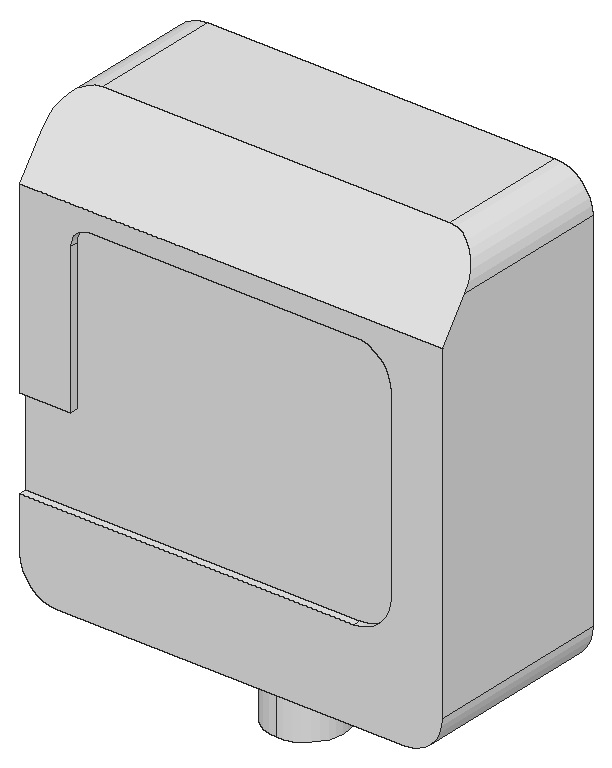
Revit family "Control_Unit-Lutron-Vive_PowPak_CCO_Module", category Lighting Devices, host Face, Revit 2017
Family settings
  Host = Face
  Maintain Annotation Orientation = Yes
  Round Connector Dimension = Use Radius
  Part Type = Normal
  OmniClass Number = 23.85.80.11.27
  OmniClass Title = Lighting Controls
  Cut with Voids When Loaded = No
  Shared = No
  Room Calculation Point = No
Parameters (values of type "RMJS-CCO1-24-B")
  Warranty URL = "http://www.lutron.com/en-US/Service-Support/Pages/Service/Warranty/Warranty.aspx"
  Voltage = 24 V
  Video Link = "https://www.youtube.com/user/LutronElectronicsInc"
  Version = "2017 - v1.0b"  # constant formula
  URL = "http://www.lutron.com"
  Type Comments = ""
  Support Phone = "(224) 699-9545"  # constant formula
  Support Email = "mailto: support@anguleris.com"
  Series = "QS"
  Product Page URL = "http://www.lutron.com/en-US/Products/Pages/WholeBuildingSystems/Vive/Overview.aspx"
  Product Name = "Vive PowPak CCO Module "
  Product Documentation Link = "http://www.lutron.com/TechnicalDocumentLibrary/369909_ENG.pdf"
  Power = 1 W
  Performance URL = "http://www.lutron.com/en-US/Service-Support/Pages/Technical/PerfomanceSpecs.aspx"
  Overall Width = 0' - 2.82"
  Overall Height = 0' - 3.48"
  Overall Depth = 0' - 1 1/4"
  Number of Poles = 1
  Model = "RMJS-CCO1-24-B"
  Minimum Operating Temperature = 32 °F
  Maximum Operating Temperature = 131 °F
  Manufacturer Phone Number = "610-282-3800"  # constant formula
  Manufacturer Fax Number = "610-282-1243"  # constant formula
  Manufacturer Email = "mailto:support@lutron.com"
  Manufacturer Address = "7200 Suter Rd, Coopersburg, PA 18036"  # constant formula
  Manufacturer = "Lutron Electronics Co., Inc"  # constant formula
  Label 2 = 2
  Label 1 = "CCO"
  Keynote = ""
  Instruction Sheet Link = "http://www.lutron.com/TechnicalDocumentLibrary/041669.pdf"
  Front Panel Right Edge = 0' - 0.34"
  Front Panel Left Edge = 0' - 0.34"
  Edge Radius = 0' - 0 1/4"
  Device Material = Plastic - Lutron - White
  Description = "Vive PowPak Contact Closure Module"
  Default Elevation = 0' - 0"
  Front Panel Cutout Offset = 0' - 0.578"
  Current = 0.5 A
  Cost Info = "mailto:sales@lutron.com"
  Cost = 0
  Copyright = "© 2019 Lutron Electronics Co., Inc."  # constant formula
  Connection Knob Radius = Connection Knob Diameter / 2  # 0' - 0 1/4"
  Connection Knob Diameter = 0' - 0 1/2"
  Connection Knob = 0' - 0.52"
  Capacity = 0.5 A
  Bracket Width = 0' - 0 1/4"
  Bracket Thickness = 0' - 0.0313"
  Bracket Offset = 0' - 0 47/256"
  Assembly Code = "D5020200"
Reference planes (in)
  plane 1 "Center (Front/Back)": y = 0
  plane 2: z = 0
  plane 3 "Center (Left/Right)": x = 0
  plane 4: z = -0.52
  plane 5: z = 0
  plane 6: y = -0.625
  plane 7: y = 0.625
  plane 8: y = -0.578
  plane 9: x = 1.41016
  plane 10: x = -1.41016
  plane 11: x = 1.41
  plane 12: x = -1.41
  plane 13: z = -0.51953
  plane 14: z = 0
  plane 15: z = 2.96047
  plane 16: z = 1.76367
  plane 17: z = 1.51367
  plane 18: z = 2.01367
  plane 19: y = 0.4768
  plane 20: y = -0.625
  plane 21: y = -0.57813
  plane 22: y = 0.625
  plane 23: z = 2.64487
  plane 24: z = 2.32927
  plane 25: z = 0.9082
  plane 26: z = 0.60547
  plane 27: z = 0.30273
  plane 28: z = 1.21094
  plane 29: x = -1.07016
  plane 30: x = 1.07016
  plane 31: x = -0.94516
  plane 32: x = 0.82016
  plane 33: z = 2.20427
  plane 34: z = 2.07927
  plane 35: z = 0.85547
  plane 36: y = -0.25
  plane 37: z = 2.46047
  plane 38: z = 3.02297
  plane 39: y = -0.6875
Forms (in)
  Sweep 1, solid, material "Plastic - Lutron - White"
    path origin (0, 0, 0) x (1, 0, 0) y (0, 0, 1)
      loop
        line (0, 0) -> (0, -0.52)
    profile origin (0, 0, -0.26) x (0, -1, 0) y (1, 0, 0)
      loop
        circle (0, 0) r 0.25
  Sweep 2, solid, material "Plastic - Lutron - White"
    path origin (0, 0, 0) x (1, 0, 0) y (0, 1, 0)
      loop
        line (0, 0.625) -> (0, -0.625)
    profile origin (0, 0, 0) x (1, 0, 0) y (0, 0, 1)
      loop
        line (-1.41016, 2.71047) -> (-1.41016, 0.25)
        arc (-1.41016, 0.25) -> (-1.33693, 0.07322) -> (-1.16016, 0) r 0.25
        line (-1.16016, 0) -> (1.16016, 0)
        arc (1.16016, 0) -> (1.33693, 0.07322) -> (1.41016, 0.25) r 0.25
        line (1.41016, 0.25) -> (1.41016, 2.71047)
        arc (1.41016, 2.71047) -> (1.33693, 2.88725) -> (1.16016, 2.96047) r 0.25
        line (1.16016, 2.96047) -> (-1.16016, 2.96047)
        arc (-1.16016, 2.96047) -> (-1.33693, 2.88725) -> (-1.41016, 2.71047) r 0.25
  Sweep 3, void
    path origin (0, 0, 0) x (1, 0, 0) y (0, 1, 0)
      loop
        line (0, -0.578) -> (0, -0.625)
    profile origin (0, -0.6015, 0) x (1, 0, 0) y (0, 0, 1)
      loop
        arc (-0.94516, 2.32927) -> (-1.03354, 2.29266) -> (-1.07016, 2.20427) r 0.125
        line (-1.07016, 2.20427) -> (-1.07016, 1.21094) -> (-1.41016, 1.21094) -> (-1.41016, 0.60547) -> (0.82016, 0.60547)
        arc (0.82016, 0.60547) -> (0.99693, 0.67869) -> (1.07016, 0.85547) r 0.25
        line (1.07016, 0.85547) -> (1.07016, 2.07927)
        arc (1.07016, 2.07927) -> (0.99693, 2.25605) -> (0.82016, 2.32927) r 0.25
        line (0.82016, 2.32927) -> (-0.94516, 2.32927)
  Sweep 4, void
    path origin (0, 0, 0) x (1, 0, 0) y (0, 0, 1)
      loop
        line (-1.41016, 2.96047) -> (1.41016, 2.96047)
    profile origin (0, 0, 2.96047) x (0, 0, 1) y (0, -1, 0)
      loop
        line (-0.5, 0.625) -> (0, 0.25) -> (0.0625, 0.25) -> (0.0625, 0.6875) -> (-0.5, 0.6875) -> (-0.5, 0.625)
Cuts and joins
  Sweep 3, Sweep 4 cuts Sweep 2
Lines and regions (in)
  Masking region 1, detail levels fine
    outline origin (1.41016, -0.625, 48) x (1, 0, 0) y (0, 0, 1)
      loop
        line (-2.82031, -45.03953) -> (-2.82031, -48) -> (0, -48) -> (0, -45.03953) -> (-2.82031, -45.03953)
  Masking region 2, detail levels fine
    outline origin (-1.41, -180, 10.93549) x (0, 0, 1) y (0, -1, 0)
      loop
        line (-7.97502, -180.625) -> (-7.97502, -179.375) -> (-10.93549, -179.375) -> (-10.93549, -180.625) -> (-7.97502, -180.625)
Dimensions and locks (in)
  "Connection Knob": plane 5 to plane 4
  locked: profile plane to Sweep 1 sketch curve at 0
  locked: profile plane to Sweep 1 sketch curve
  equal spacing: plane 7, plane 1 "Center (Front/Back)", plane 6
  locked: plane 6 to plane 7 at 1.25
  "Front Panel Cutout Offset": plane 8 to plane 1 "Center (Front/Back)"
  equal spacing: plane 18, plane 16, plane 17
  equal spacing: plane 11, plane 3 "Center (Left/Right)", plane 12
  equal spacing: plane 9, plane 3 "Center (Left/Right)", plane 10
  "Overall Height": plane 15 to plane 13
  "Overall Depth": plane 20 to plane 22
  "Overall Width": plane 11 to plane 12
  equal spacing: plane 15, plane 23, plane 24, plane 18
  equal spacing: plane 17, plane 28, plane 25, plane 26, plane 27, plane 14
  equal spacing: plane 30, plane 3 "Center (Left/Right)", plane 29
  "Front Panel Left Edge": plane 29 to plane 10
  locked: plane 32 to plane 30 at 0.25
  locked: plane 31 to plane 29 at 0.125
  locked: plane 24 to plane 33 at 0.125
  locked: plane 24 to plane 34 at 0.25
  locked: plane 35 to plane 26 at 0.25
  locked: plane 36 to plane 20 at 0.375
  locked: plane 15 to plane 37 at 0.5
  locked: plane 38 to plane 15 at 0.0625
  locked: plane 20 to plane 39 at 0.0625
  "Connection Knob Radius": radius of Sweep 1 sketch curve
  "Edge Radius": radius of Sweep 2 sketch curve
  aligned and locked: plane 2 to host face
  aligned and locked: level to host face
  aligned and locked: level to plane 5
  aligned and locked: plane 4 to Sweep 1 sketch curve
  aligned and locked: plane 5 to Sweep 1 sketch curve
  aligned and locked: Sweep 1 sketch curve to plane 3 "Center (Left/Right)"
  aligned and locked: plane 7 to Sweep 2 sketch curve
  aligned and locked: plane 6 to Sweep 2 sketch curve
  aligned and locked: Sweep 2 sketch curve to plane 3 "Center (Left/Right)"
  aligned and locked: Sweep 2 sketch curve to Sweep 2 sketch curve  (x3)
  aligned and locked: host face to Sweep 2 sketch curve
  aligned and locked: Sweep 2 to Sweep 3 sketch curve
  aligned and locked: plane 8 to Sweep 3 sketch curve
  aligned and locked: Sweep 3 sketch curve to plane 3 "Center (Left/Right)"
  aligned and locked: plane 14 to level
  aligned and locked: plane 15 to cut or joined group of Sweep 2, Sweep 3, Sweep 4
  aligned and locked: plane 14 to Sweep 1
  aligned and locked: Sweep 1 to plane 13
  aligned and locked: Sweep 4 sketch curve to plane 15
  aligned and locked: plane 9 to Sweep 4 sketch curve
  aligned and locked: plane 10 to Sweep 4 sketch curve
  aligned and locked: plane 22 to cut or joined group of Sweep 2, Sweep 3, Sweep 4
  aligned and locked: plane 31 to Sweep 3 sketch curve
  aligned and locked: plane 33 to Sweep 3 sketch curve
  aligned and locked: plane 32 to Sweep 3 sketch curve  (x2)
  aligned and locked: plane 24 to Sweep 3 sketch curve
  aligned and locked: plane 34 to Sweep 3 sketch curve
  aligned and locked: plane 30 to Sweep 3 sketch curve  (x2)
  aligned and locked: plane 26 to Sweep 3 sketch curve  (x2)
  aligned and locked: plane 35 to Sweep 3 sketch curve
  aligned and locked: Sweep 3 sketch curve to plane 24
  aligned and locked: plane 28 to Sweep 3 sketch curve
  aligned and locked: Sweep 3 sketch curve to plane 29
  aligned and locked: plane 29 to Sweep 3 sketch curve
  aligned and locked: plane 10 to Sweep 3 sketch curve  (x2)
  aligned and locked: Sweep 3 sketch curve to plane 28
  aligned and locked: plane 36 to Sweep 4 sketch curve  (x2)
  aligned and locked: plane 37 to Sweep 4 sketch curve
  aligned and locked: plane 15 to Sweep 4 sketch curve
  aligned and locked: plane 38 to Sweep 4 sketch curve
  aligned and locked: plane 20 to Sweep 4 sketch curve
  aligned and locked: Sweep 4 sketch curve to plane 39
  aligned and locked: Sweep 2 sketch curve to plane 15
  aligned and locked: plane 14 to Sweep 2 sketch curve
  aligned and locked: Sweep 2 sketch curve to plane 10
  aligned and locked: Sweep 2 sketch curve to plane 9
  aligned and locked: plane 1 "Center (Front/Back)" to nested 1
  aligned and locked: plane 3 "Center (Left/Right)" to nested 1
  aligned and locked: plane 10 to Masking region 1 sketch curve
  aligned and locked: Masking region 1 sketch curve to plane 9
  aligned and locked: Masking region 1 sketch curve to plane 14
  aligned and locked: Masking region 1 sketch curve to plane 15
  aligned and locked: Masking region 2 sketch curve to plane 20
  aligned and locked: plane 22 to Masking region 2 sketch curve
  aligned and locked: Masking region 2 sketch curve to plane 15
  aligned and locked: Masking region 2 sketch curve to plane 14
Automatic sketch dimensions
  host sketch curve to host sketch curve = 8' - 0"  (x2)
  level to Sweep 2 sketch curve = 0' - 0 1/4"  (x2)
  Sweep 2 sketch curve to profile plane = 0' - 1 41/256"
Nested families (in)
  nested 1: "Lutron_Lighting_Relay_2_Way_Radio_Annotation" at (0, 0, 0), type "Lutron_Lighting_CCO_Annotation", detail levels coarse+medium
Connectors (in)
  electrical at (0, 0.625, 1.48023), driven by "Voltage"
    settings: on cut or joined group of Sweep 2, Sweep 3, Sweep 4, index 1, voltage 24 V, apparent load 0 VA, apparent load phase1 0 VA, apparent load phase2 0 VA, apparent load phase3 0 VA, power factor 1, load classification "Lighting", number of poles 1, system type 30, power factor state 1, is connector primary yes, connector utility no, sub classification motor no, connector description ""
  electrical at (0, 0, 0)
    settings: on Sweep 1, index 2, voltage 0 V, apparent load 0 VA, apparent load phase1 0 VA, apparent load phase2 0 VA, apparent load phase3 0 VA, power factor 1, load classification "Other", number of poles 1, system type 13, power factor state 1, is connector primary no, connector utility no, sub classification motor no, connector description "Lighting Control Connection"
Definition of nested family "Lutron_Lighting_Relay_2_Way_Radio_Annotation"
  Parameters (values of type "Lutron_Lighting_Relay_Annotation")
    Label = "16R"
  Reference planes (in)
    plane 1: y = 0
    plane 2: x = 0
  Lines and regions (in)
    Filled region 1, type "Filled region 1"
      outline origin (0.02883, -0.02731, 0) x (0.707107, -0.707107, 0) y (0.707107, 0.707107, 0)
        loop
          line (0.04949, 0.28359) -> (0.0812, 0.28359) -> (0.06379, 0.32092) -> (0.04949, 0.28359)
    Filled region 2, type "Filled region 1"
      outline origin (0.4852, 0.16232, 0) x (-0.707107, 0.707107, 0) y (-0.707107, -0.707107, 0)
        loop
          line (0.04949, 0.28359) -> (0.0812, 0.28359) -> (0.06379, 0.32092) -> (0.04949, 0.28359)
    detail lines, not visible
      curve 1: line (0, 0.125, 0) -> (0, 0, 0)
    reference lines
      curve 2: line (0, 0.0625, 0) -> (-0.11983, 0.0625, 0)
      curve 3: line (0.10095, -0.04722, 0) -> (0.10095, 0.09386, 0)
      curve 4: line (0.10095, -0.04722, 0) -> (0.28349, -0.04722, 0)
      curve 5: line (0.10095, 0.04579, 0) -> (0.31014, 0.04579, 0)
    detail lines
      curve 6: line (0.19012, 0.02558, 0) -> (0.1673, 0.03169, 0)
      curve 7: line (0.17947, 0.0653, 0) -> (0.19012, 0.02558, 0)
      curve 8: line (0.17947, 0.0653, 0) -> (0.22623, 0.05277, 0)
      curve 9: line (0.2137, 0.09953, 0) -> (0.22623, 0.05277, 0)
      curve 10: line (0.2137, 0.09953, 0) -> (0.26046, 0.087, 0)
      curve 11: line (0.25043, 0.12446, 0) -> (0.26046, 0.087, 0)
      curve 12: line (0.27324, 0.11834, 0) -> (0.25043, 0.12446, 0)
      curve 13: line (0.32392, 0.10943, 0) -> (0.34673, 0.10332, 0)
      curve 14: line (0.33456, 0.06971, 0) -> (0.32392, 0.10943, 0)
      curve 15: line (0.33456, 0.06971, 0) -> (0.2878, 0.08224, 0)
      curve 16: line (0.30033, 0.03548, 0) -> (0.2878, 0.08224, 0)
      curve 17: line (0.30033, 0.03548, 0) -> (0.25357, 0.04801, 0)
      curve 18: line (0.26361, 0.01055, 0) -> (0.25357, 0.04801, 0)
      curve 19: line (0.24079, 0.01667, 0) -> (0.26361, 0.01055, 0)
      curve 20: line (-0.15637, 0.15183, 0) -> (0.15896, 0.15183, 0)
      curve 21: line (-0.15637, -0.14274, 0) -> (-0.15637, 0.15183, 0)
      curve 22: line (0.15896, -0.14274, 0) -> (-0.15637, -0.14274, 0)
      curve 23: line (0.15896, 0.15183, 0) -> (0.15896, -0.14274, 0)
  Text (in)
    label "16R" at (0.00317, -0.00983, 0), shows "Label"
  Dimensions and locks (in)
    locked: curve 4 to curve 5 at 0.09301
    locked: curve 1 to curve 3 at 0.10095
    curve 1 to curve 1 = 0' - 0 1/8"
    locked: plane 1 to curve 2 at 0.0625
    aligned and locked: curve 1 to curve 2
    aligned and locked: plane 1 to curve 1
    aligned and locked: curve 1 to plane 2
    aligned and locked: plane 2 to curve 1
